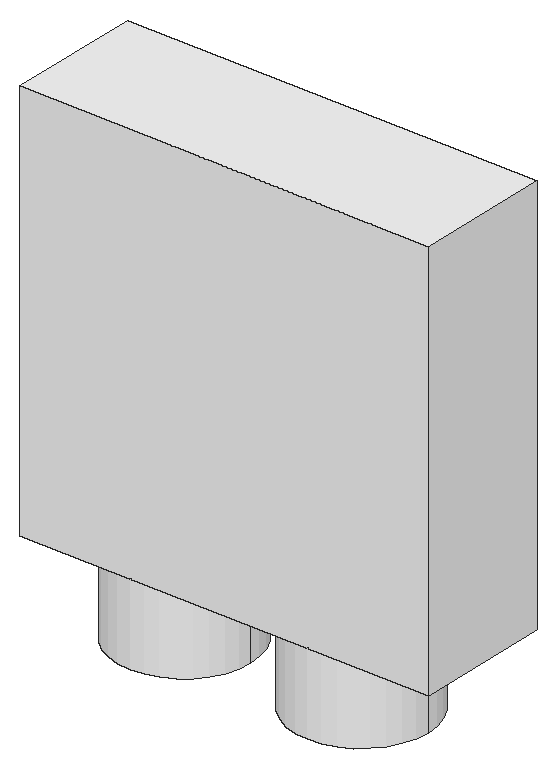
Revit family "Cinta_Con_Retang_Estaca", category Structural Framing, Revit 2020
Family settings
  Display in Hidden Views = Edges Hidden by Other Members
  Structural Framing Length Roundoff = 0 mm
  Section Shape = Not Defined
  Material for Model Behavior = Concrete
  Always export as geometry = No
  OmniClass Number = 23.25.30.11.14.14
  OmniClass Title = Beams
  Always vertical = Yes
  Cut with Voids When Loaded = No
  Symbolic Representation = From Family
  Shared = No
  Show family pre-cut in plan views = Yes
Parameters (values of type "CIN_050x150_BLC_CON_RET_TAC")
  Structural Material [instance] = CT_Concreto
  Profundidade_Estaca [instance] = 304.636 mm
  Material_Estacas = CT_Concreto
  Material_Cintas = CT_Concreto
  Diametro_Estaca = b / 2  # 250 mm
  D2 [instance] = 452.882 mm
  D1 [instance] = 410.509 mm
  Assembly Code = ""
  Length [instance] = 1524 mm
  b = 500 mm
  h = 1500 mm
Reference planes
  plane 1 "Center (Front/Back)": y = 0
  plane 2: z = 0
  plane 3 "Center (Left/Right)": x = 4.61
  plane 4: y = 250
  plane 5: y = -250
  plane 6: z = 750
  plane 7 "Bottom": z = -750
  plane 8 "Left": x = -757.39
  plane 9 "Right": x = 766.61
  plane 10: x = -346.881
  plane 11: x = 313.728
Forms (mm)
  Extrusion 1, solid, material "CT_Concreto" <- "Material_Estacas"
    sketch origin (0, 0, 0) x (1, 0, 0) y (0, 1, 0)
      loop
        circle (-346.881, 0) r 250
    from -1054.636 to -750
  Extrusion 2, solid, material "CT_Concreto" <- "Material_Estacas"
    sketch origin (471.118, 0, 0) x (1, 0, 0) y (0, 1, 0)
      loop
        circle (-157.39, 0) r 250
    from -1054.636 to -750
  Extrusion 3, solid, material "CT_Concreto" <- "Material_Cintas"
    sketch origin (0, 0, 0) x (1, 0, 0) y (0, 1, 0)
      loop
        line (-757.39, 250) -> (-757.39, -250) -> (766.61, -250) -> (766.61, 250) -> (-757.39, 250)
    from -750 to 750
Dimensions and locks
  "b": plane 4 to plane 5
  equal spacing: plane 7 "Bottom", plane 2, plane 6
  equal spacing: plane 4, plane 1 "Center (Front/Back)", plane 5
  "h": plane 7 "Bottom" to plane 6
  "Length": plane 8 "Left" to plane 9 "Right"
  "D1": plane 8 "Left" to plane 10
  "D2": plane 11 to plane 9 "Right"
  "Profundidade_Estaca": plane 7 "Bottom" to Extrusion 2
  "Profundidade_Estaca": plane 7 "Bottom" to Extrusion 1
  "Diametro_Estaca": radius of Extrusion 1 sketch curve
  "Diametro_Estaca": radius of Extrusion 2 sketch curve
  aligned and locked: Extrusion 1 to plane 7 "Bottom"
  aligned and locked: Extrusion 2 to plane 7 "Bottom"
  aligned and locked: plane 4 to Extrusion 3
  aligned and locked: Extrusion 3 to plane 5
  aligned and locked: plane 8 "Left" to Extrusion 3
  aligned and locked: Extrusion 3 to plane 9 "Right"
  aligned and locked: Extrusion 3 to plane 6
  aligned and locked: plane 7 "Bottom" to Extrusion 3
Automatic sketch dimensions
  plane 1 "Center (Front/Back)" to Extrusion 1 sketch curve = 0 mm
  Extrusion 1 sketch curve to plane 10 = 0 mm
  plane 1 "Center (Front/Back)" to Extrusion 2 sketch curve = 0 mm
  Extrusion 2 sketch curve to plane 11 = 0 mm
  Extrusion 3 sketch curve to plane 8 "Left" = 0 mm
  plane 9 "Right" to Extrusion 3 sketch curve = 0 mm
  Extrusion 3 sketch curve to plane 5 = 0 mm
  plane 5 to Extrusion 3 sketch curve = 500 mm
